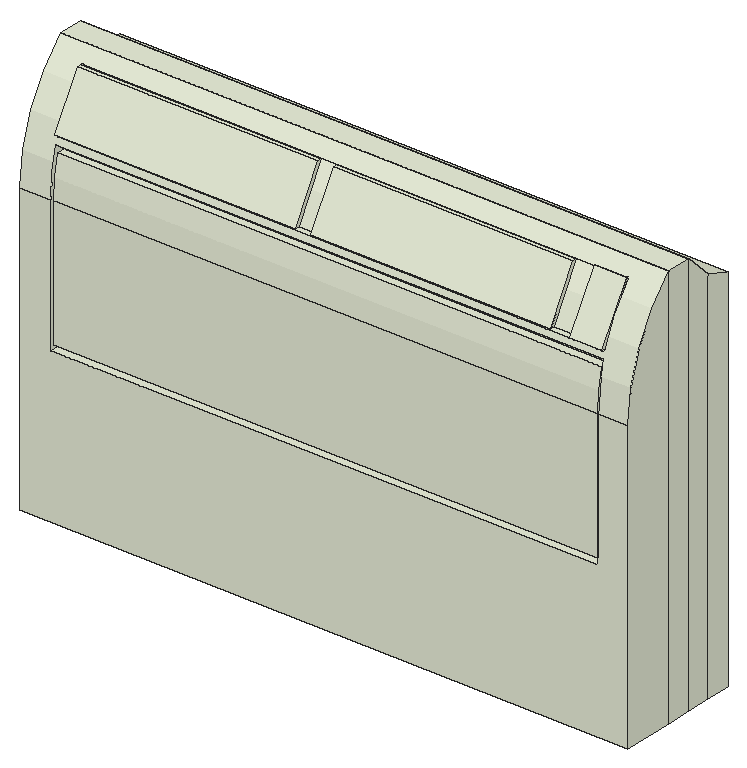
Revit family "Trane_TVR_Indoor_Ceiling & Floor_4TVX0012(15,18,24)EF000AA(2nd DC)", category Equipamento mecânico, Revit 2019
Family settings
  Cota do conector redondo = Utilizar diâmetro
  Tipo de parte = Normal
  Número OmniClass = 23.75.00.00
  Título OmniClass = Climate Control (HVAC)
  Com base no plano de trabalho = Não
  Sempre na vertical = Sim
  Corte com vazios quando carregada = Não
  Compartilhado = Não
  Ponto de cálculo do ambiente = Não
Parameters (values of type "4TVX0024EF000AA")
  Width = 990.000 mm
  URL = "https://www.trane.com/commercial/latin-america/br/pt.html"
  Series = "TVR ULTRA"
  Power supply = "220-240V ~50/60Hz"
  Panel color = "S1004"
  Net Weight = 28.00 kg
  Modelo = "4TVX0024EF000AA"
  Fabricante = "Trane"
  Machine material = Galvanized Steel
  MFA (Maximum Fuse Amps) = 15 A
  MCA (Minimum Circuit Amps) = 1.03 A
  Liquid pipe = 6.350 mm
  Installation = "Indoor installation"
  Height = 203.000 mm
  Heating Power Input = 115 W
  Heating Capacity = 8 kW
  Gas pipe = 12.700 mm
  Gas = "R410a"
  Descrição = "High efficiency air cooled"
  Depth = 660.000 mm
  Cooling Power Input = 115 W
  Cooling Capacity = 7.1 kW
  Condensation = "air"
  Air  Flow = "800/750/700/650/600/550/500 m3/h"
Types (5, lengths in mm): name | URL | Net Weight | Modelo | MCA (Minimum Circuit Amps) | Heating Power Input | Heating Capacity | Cooling Power Input | Cooling Capacity | Air  Flow
  (no name) | "https://www.trane.com/commercial/latin-america/br/pt.html" | 28.00 kg | "4TVX0024EF000AA" | 1.03 A | 115 W | 8 kW | 115 W | 7.1 kW | "800/750/700/650/600/550/500 m3/h"
  4TVX0012EF000AA | "https://www.trane.com/commercial/latin-america/br/pt.html" | 27.00 kg | "4TVX0012EF000AA" | 0.38 A | 49 W | 4 kW | 49 W | 3.6 kW | "650/620/595/570/550/525/500 m3/h"
  4TVX0015EF000AA | "https://www.trane.com/commercial/latin-america/br/pt.html" | 28.00 kg | "4TVX0015EF000AA" | 1.01 A | 115 W | 5 kW | 115 W | 4.5 kW | "800/750/700/650/600/550/500 m3/h"
  4TVX0018EF000AA | "https://www.trane.com/commercial/latin-america/br/pt.htmlhttps://www.trane.com/commercial/latin-america/br/pt.html" | 28.00 kg | "4TVX0018EF000AA" | 1.03 A | 115 W | 6.3 kW | 115 W | 5.6 kW | "800/750/700/650/600/550/500 m3/h"
  4TVX0024EF000AA | "https://www.trane.com/commercial/latin-america/br/pt.html" | 28.00 kg | "4TVX0024EF000AA" | 1.03 A | 115 W | 8 kW | 115 W | 7.1 kW | "800/750/700/650/600/550/500 m3/h"
Reference planes
  plane 1 "中心(前/后)": y = 0
  plane 2: z = 0
  plane 3 "中心(左/右)": x = 0
  plane 4: z = 575.645
  plane 5: z = 280
  plane 6: x = -495
Forms (mm)
  Extrusion 1, solid, material "Galvanized Steel" <- "Machine material", detail levels medium+fine
    sketch origin (0, 0, 0) x (0, 1, 0) y (0, 0, 1)
      loop
        line (-80, 690) -> (-120, 690) -> (-120, 30) -> (-80, 30) -> (-80, 690)
    from 495 to -495
  Extrusion 2, solid, material "Galvanized Steel" <- "Machine material", detail levels medium+fine
    sketch origin (0, 0, 0) x (0, 1, 0) y (0, 0, 1)
      loop
        line (-80, 690) -> (-80, 30) -> (-40, 30) -> (-40, 650) -> (-80, 690)
    from 495 to -495
  Extrusion 3, solid, material "Galvanized Steel" <- "Machine material", detail levels medium+fine
    sketch origin (0, 0, 0) x (0, 1, 0) y (0, 0, 1)
      loop
        line (0, 626.906) -> (0, 635.441) -> (-40, 650) -> (-40, 30) -> (0, 30) -> (0, 626.906)
    from 495 to -495
  Extrusion 4, solid, material "Galvanized Steel" <- "Machine material", detail levels medium+fine
    sketch origin (0, 0, 0) x (0, 1, 0) y (0, 0, 1)
      loop
        line (-120, 30) -> (-120, 690)
        arc (-120, 690) -> (-181.345, 603.669) -> (-203, 500) r 258.97
        line (-203, 500) -> (-203, 30) -> (-120, 30)
    from 495 to -495
  Extrusion 5, void
    sketch origin (0, 0, 0) x (0, 1, 0) y (0, 0, 1)
      loop
        line (-188.653, 585) -> (-178.041, 585)
        arc (-178.041, 585) -> (-156.282, 630.135) -> (-125.926, 670) r 248.97
        line (-125.926, 670) -> (-139.39, 670)
        arc (-139.39, 670) -> (-168.089, 629.857) -> (-188.653, 585) r 258.97
    from 446.258 to -445
  Extrusion 6, solid, material "Galvanized Steel" <- "Machine material", detail levels fine
    sketch origin (0, 0, 0) x (0, 1, 0) y (0, 0, 1)
      loop
        line (-148.104, 670) -> (-193.89, 591) -> (-188.048, 591) -> (-142.262, 670) -> (-148.104, 670)
    from 361.496 to -28.055
  Extrusion 7, void
    sketch origin (0, 0, 0) x (1, 0, 0) y (0, 1, 0)
      loop
        line (-460.5, -30) -> (-460.5, -130) -> (-360.5, -130) -> (-360.5, -30) -> (-460.5, -30)
    from 45 to 30
  Extrusion 8, void
    sketch origin (0, 0, 0) x (0, 1, 0) y (0, 0, 1)
      loop
        line (-15, 45) -> (-15, 415.429) -> (-188, 415.429) -> (-188, 45) -> (-15, 45)
    from 477.847 to -480
  Extrusion 9, solid, detail levels medium+fine
    sketch origin (0, 0, 0) x (1, 0, 0) y (0, 1, 0)
      loop
        circle (-455, -63.5) r 4.765
    from 415.429 to 128
  Extrusion 10, solid, detail levels medium+fine
    sketch origin (0, 0, 0) x (1, 0, 0) y (0, 1, 0)
      loop
        circle (-440.5, -96.5) r 7.95
    from 415.429 to 163.5
  Extrusion 11, void
    sketch origin (0, 0, 55) x (1, 0, 0) y (0, 0, 1)
      loop
        line (-360.5, 115) -> (-460.5, 115) -> (-460.5, 15) -> (-360.5, 15) -> (-360.5, 115)
    from 15 to 0
  Extrusion 12, solid, detail levels medium+fine
    sketch origin (0, 0, 0) x (1, 0, 0) y (0, 1, 0)
      loop
        circle (-393.436, -63.5) r 12.5
    from 415.429 to 163.5
  Extrusion 13, void
    sketch origin (0, 0, 0) x (0, 1, 0) y (0, 0, 1)
      loop
        arc (-191.706, 575.645) -> (-200.161, 538.242) -> (-203, 500) r 258.97
        line (-203, 500) -> (-203, 280) -> (-188, 280) -> (-188, 415.429) -> (-179.603, 575.645) -> (-191.706, 575.645)
    from 446.258 to -445
  Extrusion 14, solid, material "Galvanized Steel" <- "Machine material", detail levels medium+fine
    sketch origin (0, 0, 0) x (0, 1, 0) y (0, 0, 1)
      loop
        line (-188, 415.429) -> (-180.127, 565.659) -> (-194.538, 565.659)
        arc (-194.538, 565.659) -> (-200.876, 533.101) -> (-203, 500) r 258.97
        line (-203, 500) -> (-203, 290) -> (-188, 290) -> (-188, 415.429)
    from 446.258 to -440
  Extrusion 15, solid, material "Galvanized Steel" <- "Machine material", detail levels fine
    sketch origin (-305.688, 0, 0) x (0, 1, 0) y (0, 0, 1)
      loop
        line (-139.39, 670) -> (-188.653, 585) -> (-183.347, 585) -> (-134.084, 670) -> (-139.39, 670)
    from 747.269 to 695.02
  Extrusion 16, solid, material "Galvanized Steel" <- "Machine material", detail levels fine
    sketch origin (-26.887, 0, 0) x (0, 1, 0) y (0, 0, -1)
      loop
        line (-148.104, -670) -> (-142.262, -670) -> (-188.048, -591) -> (-193.89, -591) -> (-148.104, -670)
    from 418.113 to 26.217
Cuts and joins
  Extrusion 5, Extrusion 7, Extrusion 8, Extrusion 11, Extrusion 13 cuts Extrusion 4
  Extrusion 7, Extrusion 8 cuts Extrusion 1
  Extrusion 7, Extrusion 8 cuts Extrusion 2
  Extrusion 7, Extrusion 8, Extrusion 11 cuts Extrusion 3
  Extrusion 11 cuts Extrusion 9
Lines and regions (mm)
  model lines, detail levels fine
    curve 1: line (-495, -163, 70) -> (-495, -163, 270)
    curve 15: line (-495, -163, 270) -> (-495, -203, 270)
    curve 16: line (-495, -163, 260) -> (-495, -203, 260)
    curve 17: line (-495, -163, 250) -> (-495, -203, 250)
    curve 18: line (-495, -163, 240) -> (-495, -203, 240)
    curve 19: line (-495, -163, 230.215) -> (-495, -203, 230.215)
    curve 20: line (-495, -163, 220) -> (-495, -203, 220)
    curve 21: line (-495, -163, 210) -> (-495, -203, 210)
    curve 22: line (-495, -163, 200) -> (-495, -203, 200)
    curve 23: line (-495, -163, 190) -> (-495, -203, 190)
    curve 24: line (-495, -163, 180) -> (-495, -203, 180)
    curve 25: line (-495, -163, 170) -> (-495, -203, 170)
    curve 26: line (-495, -163, 160) -> (-495, -203, 160)
    curve 27: line (-495, -163, 150) -> (-495, -203, 150)
    curve 28: line (-495, -163, 140) -> (-495, -203, 140)
    curve 29: line (-495, -163, 130) -> (-495, -203, 130)
    curve 30: line (-495, -163, 120) -> (-495, -203, 120)
    curve 31: line (-495, -163, 110) -> (-495, -203, 110)
    curve 32: line (-495, -163, 100) -> (-495, -203, 100)
    curve 33: line (-495, -163, 90) -> (-495, -203, 90)
    curve 34: line (-495, -163, 80) -> (-495, -203, 80)
    curve 35: line (-495, -163, 70) -> (-495, -203, 70)
    curve 36: line (-495, -163, 220) -> (-495, -203, 220)
    curve 37: line (-495, -163, 210) -> (-495, -203, 210)
    curve 38: line (-495, -163, 200) -> (-495, -203, 200)
    curve 39: line (-495, -203, 270) -> (495, -203, 270)
    curve 40: line (495, -203, 70) -> (-495, -203, 70)
    curve 41: line (-495, -203, 260) -> (495, -203, 260)
    curve 42: line (-495, -203, 250) -> (495, -203, 250)
    curve 43: line (-495, -203, 240) -> (495, -203, 240)
    curve 44: line (-495, -203, 230) -> (495, -203, 230)
    curve 45: line (-495, -203, 220) -> (495, -203, 220)
    curve 46: line (-495, -203, 210) -> (495, -203, 210)
    curve 47: line (-495, -203, 201.34) -> (495, -203, 201.34)
    curve 48: line (-495, -203, 191.34) -> (495, -203, 191.34)
    curve 49: line (-495, -203, 181.34) -> (495, -203, 181.34)
    curve 50: line (-495, -203, 171.34) -> (495, -203, 171.34)
    curve 51: line (-495, -203, 161.34) -> (495, -203, 161.34)
    curve 52: line (-495, -203, 151.34) -> (495, -203, 151.34)
    curve 53: line (-495, -203, 141.34) -> (495, -203, 141.34)
    curve 54: line (-495, -203, 131.34) -> (495, -203, 131.34)
    curve 55: line (-495, -203, 121.34) -> (495, -203, 121.34)
    curve 56: line (-495, -203, 111.34) -> (495, -203, 111.34)
    curve 57: line (-495, -203, 101.34) -> (495, -203, 101.34)
    curve 58: line (-495, -203, 91.34) -> (495, -203, 91.34)
    curve 59: line (-495, -203, 81.34) -> (495, -203, 81.34)
    curve 60: line (401.581, -174.728, 609.027) -> (401.581, -181.032, 598.15)
    curve 61: line (426.581, -174.728, 609.027) -> (401.581, -174.728, 609.027)
    curve 62: line (401.581, -181.032, 598.15) -> (426.581, -181.032, 598.15)
    curve 63: arc (426.581, -174.728, 609.027) -> (432.867, -177.88, 603.589) -> (426.581, -181.032, 598.15) r 6.286
    curve 71: line (495, -163, 70) -> (495, -163, 270)
    curve 72: line (495, -163, 270) -> (495, -203, 270)
    curve 73: line (495, -163, 260) -> (495, -203, 260)
    curve 74: line (495, -163, 250) -> (495, -203, 250)
    curve 75: line (495, -163, 240) -> (495, -203, 240)
    curve 76: line (495, -163, 230.215) -> (495, -203, 230.215)
    curve 77: line (495, -163, 190) -> (495, -203, 190)
    curve 78: line (495, -163, 180) -> (495, -203, 180)
    curve 79: line (495, -163, 170) -> (495, -203, 170)
    curve 80: line (495, -163, 160) -> (495, -203, 160)
    curve 81: line (495, -163, 150) -> (495, -203, 150)
    curve 82: line (495, -163, 140) -> (495, -203, 140)
    curve 83: line (495, -163, 130) -> (495, -203, 130)
    curve 84: line (495, -163, 120) -> (495, -203, 120)
    curve 85: line (495, -163, 110) -> (495, -203, 110)
    curve 86: line (495, -163, 100) -> (495, -203, 100)
    curve 87: line (495, -163, 90) -> (495, -203, 90)
    curve 88: line (495, -163, 80) -> (495, -203, 80)
    curve 89: line (495, -163, 70) -> (495, -203, 70)
    curve 90: line (495, -163, 220) -> (495, -203, 220)
    curve 91: line (495, -163, 210) -> (495, -203, 210)
    curve 92: line (495, -163, 200) -> (495, -203, 200)
    curve 93: circle (427.5, -144.575, 661.053) r 4 normal (0, 0.8652, -0.5014)
    curve 94: circle (427.5, -150.363, 651.067) r 4 normal (0, 0.8652, -0.5014)
    curve 95: circle (427.5, -156.491, 640.493) r 4 normal (0, 0.8652, -0.5014)
    curve 96: circle (427.5, -162.96, 629.332) r 4 normal (0, 0.8652, -0.5014)
    curve 97: circle (427.5, -168.604, 619.594) r 4 normal (0, 0.8652, -0.5014)
  model lines
    curve 2: line (-495, 0, 635.441) -> (-495, -40, 650)
    curve 3: line (-495, -40, 650) -> (-495, -80, 690)
    curve 5: line (-495, 0, 635.441) -> (-495, 0, 30)
    curve 6: line (-495, -203, 30) -> (-495, -203, 500)
    curve 7: arc (-495, -203, 500) -> (-495, -181.345, 603.669) -> (-495, -120, 690) r 258.97
    curve 8: line (-495, -120, 690) -> (495, -120, 690)
    curve 9: line (-495, -80, 690) -> (495, -80, 690)
    curve 10: line (-495, -40, 650) -> (495, -40, 650)
    curve 11: line (-495, -203, 30) -> (-495, 0, 30)
    curve 12: line (-495, -203, 30) -> (495, -203, 30)
    curve 13: line (495, 0, 30) -> (-495, 0, 30)
    curve 14: line (-495, -203, 30) -> (-495, 0, 30)
    curve 64: line (495, -203, 30) -> (495, -203, 500)
    curve 65: arc (495, -203, 500) -> (495, -181.345, 603.669) -> (495, -120, 690) r 258.97
    curve 66: line (495, 0, 635.441) -> (495, 0, 30)
    curve 67: line (495, 0, 635.441) -> (495, -40, 650)
    curve 68: line (495, -40, 650) -> (495, -80, 690)
    curve 70: line (495, -203, 30) -> (495, 0, 30)
    curve 98: line (495, 0, 626.906) -> (-495, 0, 626.906)
  model lines, detail levels coarse
    curve 4: line (-495, -80, 690) -> (-495, -120, 690)
    curve 69: line (495, -80, 690) -> (495, -120, 690)
Dimensions and locks
  cut or joined group of Extrusion 2, Extrusion 7, Extrusion 8 to Extrusion 12 = 133.500 mm
  cut or joined group of Extrusion 1, Extrusion 7, Extrusion 8 to cut or joined group of Extrusion 9, Extrusion 11 = 98.000 mm
  "Depth": cut or joined group of Extrusion 4, Extrusion 5, Extrusion 7, Extrusion 8, Extrusion 11, Extrusion 13 to cut or joined group of Extrusion 1, Extrusion 7, Extrusion 8
  "Height": cut or joined group of Extrusion 4, Extrusion 5, Extrusion 7, Extrusion 8, Extrusion 11, Extrusion 13 to cut or joined group of Extrusion 3, Extrusion 7, Extrusion 8, Extrusion 11
  "Width": cut or joined group of Extrusion 4, Extrusion 5, Extrusion 7, Extrusion 8, Extrusion 11, Extrusion 13 to cut or joined group of Extrusion 4, Extrusion 5, Extrusion 7, Extrusion 8, Extrusion 11, Extrusion 13
  aligned and locked: level to plane 2
Automatic sketch dimensions
  plane 1 "中心(前/后)" to Extrusion 1 sketch curve = 120.000 mm
  level to Extrusion 1 sketch curve = 30.000 mm
  Extrusion 1 sketch curve to Extrusion 1 sketch curve = 40.000 mm
  Extrusion 1 sketch curve to Extrusion 1 sketch curve = 660.000 mm
  plane 1 "中心(前/后)" to Extrusion 2 sketch curve = 80.000 mm
  level to Extrusion 2 sketch curve = 30.000 mm
  Extrusion 2 sketch curve to Extrusion 2 sketch curve = 40.000 mm  (x2)
  Extrusion 2 sketch curve to Extrusion 2 sketch curve = 620.000 mm
  Extrusion 3 sketch curve to plane 1 "中心(前/后)" = 0.000 mm
  level to Extrusion 3 sketch curve = 30.000 mm
  plane 1 "中心(前/后)" to Extrusion 3 sketch curve = 40.000 mm
  Extrusion 3 sketch curve to Extrusion 3 sketch curve = 596.906 mm
  Extrusion 3 sketch curve to Extrusion 3 sketch curve = 8.535 mm
  Extrusion 3 sketch curve to Extrusion 3 sketch curve = 14.559 mm
  plane 1 "中心(前/后)" to Extrusion 4 sketch curve = 203.000 mm
  level to Extrusion 4 sketch curve = 30.000 mm
  Extrusion 4 sketch curve to Extrusion 4 sketch curve = 83.000 mm
  Extrusion 4 sketch curve to plane 1 "中心(前/后)" = 55.970 mm
  Extrusion 4 sketch curve to Extrusion 4 sketch curve = 470.000 mm
  Extrusion 5 sketch curve to Extrusion 5 sketch curve = 0.000 mm  (x2)
  plane 1 "中心(前/后)" to Extrusion 5 sketch curve = 188.653 mm
  level to Extrusion 5 sketch curve = 585.000 mm
  Extrusion 5 sketch curve to Extrusion 5 sketch curve = 10.612 mm
  Extrusion 5 sketch curve to Extrusion 5 sketch curve = 38.651 mm
  Extrusion 5 sketch curve to Extrusion 5 sketch curve = 13.464 mm
  Extrusion 5 sketch curve to Extrusion 5 sketch curve = 85.000 mm
  plane 1 "中心(前/后)" to Extrusion 6 sketch curve = 193.890 mm
  level to Extrusion 6 sketch curve = 591.000 mm
  Extrusion 6 sketch curve to Extrusion 6 sketch curve = 5.843 mm  (x2)
  Extrusion 6 sketch curve to Extrusion 6 sketch curve = 39.943 mm
  Extrusion 6 sketch curve to Extrusion 6 sketch curve = 79.000 mm
  Extrusion 4 to curve 1 = 40.000 mm  (x2)
  curve 1 to curve 1 = 200.000 mm
  plane 6 to Extrusion 7 sketch curve = 34.500 mm
  plane 1 "中心(前/后)" to Extrusion 7 sketch curve = 130.000 mm
  Extrusion 7 sketch curve to Extrusion 7 sketch curve = 100.000 mm
  plane 1 "中心(前/后)" to Extrusion 7 sketch curve = 30.000 mm
  level to Extrusion 8 sketch curve = 45.000 mm
  plane 1 "中心(前/后)" to Extrusion 8 sketch curve = 188.000 mm
  plane 1 "中心(前/后)" to Extrusion 8 sketch curve = 15.000 mm
  level to Extrusion 8 sketch curve = 415.429 mm
  plane 6 to Extrusion 9 sketch curve = 40.000 mm
  plane 1 "中心(前/后)" to Extrusion 9 sketch curve = 63.500 mm
  plane 6 to Extrusion 10 sketch curve = 54.500 mm
  plane 1 "中心(前/后)" to Extrusion 10 sketch curve = 96.500 mm
  plane 6 to Extrusion 11 sketch curve = 34.500 mm
  level to Extrusion 11 sketch curve = 70.000 mm
  Extrusion 11 sketch curve to Extrusion 11 sketch curve = 100.000 mm  (x2)
  plane 6 to Extrusion 12 sketch curve = 101.564 mm
  plane 1 "中心(前/后)" to Extrusion 12 sketch curve = 63.500 mm
  Extrusion 13 sketch curve to plane 5 = 0.000 mm
  Extrusion 13 sketch curve to plane 4 = 0.000 mm
  plane 1 "中心(前/后)" to Extrusion 13 sketch curve = 203.000 mm
  plane 5 to Extrusion 13 sketch curve = 135.429 mm
  Extrusion 13 sketch curve to Extrusion 13 sketch curve = 11.294 mm
  Extrusion 13 sketch curve to Extrusion 13 sketch curve = 15.000 mm
  Extrusion 13 sketch curve to Extrusion 13 sketch curve = 12.102 mm
  Extrusion 13 sketch curve to plane 1 "中心(前/后)" = 55.970 mm
  plane 1 "中心(前/后)" to Extrusion 14 sketch curve = 203.000 mm
  level to Extrusion 14 sketch curve = 290.000 mm
  Extrusion 14 sketch curve to Extrusion 14 sketch curve = 8.462 mm
  Extrusion 14 sketch curve to Extrusion 14 sketch curve = 15.000 mm
  Extrusion 14 sketch curve to Extrusion 14 sketch curve = 14.411 mm
  Extrusion 14 sketch curve to plane 1 "中心(前/后)" = 55.970 mm
  Extrusion 14 sketch curve to Extrusion 14 sketch curve = 125.429 mm
  Extrusion 14 sketch curve to Extrusion 14 sketch curve = 84.571 mm
  curve 2 to plane 1 "中心(前/后)" = 0.000 mm
  plane 1 "中心(前/后)" to curve 6 = 203.000 mm
  level to curve 6 = 500.000 mm
  plane 1 "中心(前/后)" to curve 2 = 40.000 mm
  curve 7 to curve 2 = 135.441 mm
  curve 2 to curve 3 = 14.559 mm
  curve 2 to curve 4 = 40.000 mm  (x2)
  level to curve 6 = 30.000 mm
  level to curve 5 = 30.000 mm
  curve 3 to curve 4 = 40.000 mm
  curve 8 to plane 6 = 0.000 mm
  level to curve 8 = 690.000 mm
  plane 3 "中心(左/右)" to curve 8 = 495.000 mm
  curve 9 to plane 6 = 0.000 mm
  level to curve 9 = 690.000 mm
  plane 3 "中心(左/右)" to curve 9 = 495.000 mm
  curve 10 to plane 6 = 0.000 mm
  level to curve 10 = 650.000 mm
  plane 3 "中心(左/右)" to curve 10 = 495.000 mm
  curve 11 to plane 1 "中心(前/后)" = 0.000 mm
  level to curve 11 = 30.000 mm
  curve 11 to curve 11 = 203.000 mm
  level to curve 35 = 70.000 mm
  curve 35 to curve 34 = 10.000 mm
  curve 34 to curve 33 = 10.000 mm
  curve 33 to curve 32 = 10.000 mm
  curve 32 to curve 31 = 10.000 mm
  curve 31 to curve 30 = 10.000 mm
  curve 30 to curve 29 = 10.000 mm
  curve 29 to curve 28 = 10.000 mm
  curve 28 to curve 27 = 10.000 mm
  curve 27 to curve 26 = 10.000 mm
  curve 26 to curve 25 = 10.000 mm
  curve 25 to curve 24 = 10.000 mm
  curve 24 to curve 23 = 10.000 mm
  curve 23 to curve 38 = 10.000 mm
  curve 22 to curve 38 = 0.000 mm  (x2)
  curve 22 to curve 21 = 10.000 mm
  curve 37 to curve 21 = 0.000 mm  (x2)
  curve 21 to curve 36 = 10.000 mm
  curve 20 to curve 36 = 0.000 mm  (x2)
  curve 20 to curve 19 = 10.215 mm
  curve 19 to curve 18 = 9.785 mm
  curve 18 to curve 17 = 10.000 mm
  curve 17 to curve 16 = 10.000 mm
  curve 16 to curve 15 = 10.000 mm
  plane 1 "中心(前/后)" to curve 15 = 163.000 mm
  curve 38 to curve 15 = 0.000 mm
  curve 16 to curve 15 = 0.000 mm
  curve 37 to curve 38 = 0.000 mm
  curve 17 to curve 16 = 0.000 mm
  curve 36 to curve 37 = 0.000 mm
  curve 18 to curve 17 = 0.000 mm
  curve 35 to curve 38 = 0.000 mm
  curve 19 to curve 18 = 0.000 mm
  curve 34 to curve 35 = 0.000 mm
  curve 33 to curve 34 = 0.000 mm
  curve 21 to curve 37 = 0.000 mm
  curve 32 to curve 33 = 0.000 mm
  curve 31 to curve 32 = 0.000 mm
  curve 23 to curve 22 = 0.000 mm
  curve 30 to curve 31 = 0.000 mm
  curve 24 to curve 23 = 0.000 mm
  curve 29 to curve 30 = 0.000 mm
  curve 25 to curve 24 = 0.000 mm
  curve 28 to curve 29 = 0.000 mm
  curve 26 to curve 25 = 0.000 mm
  curve 27 to curve 28 = 0.000 mm
  curve 26 to curve 26 = 40.000 mm
  curve 27 to curve 26 = 0.000 mm
  curve 25 to curve 26 = 0.000 mm
  curve 28 to curve 27 = 0.000 mm
  curve 24 to curve 25 = 0.000 mm
  curve 29 to curve 28 = 0.000 mm
  curve 23 to curve 24 = 0.000 mm
  curve 30 to curve 29 = 0.000 mm
  curve 22 to curve 23 = 0.000 mm
  curve 31 to curve 30 = 0.000 mm
  curve 21 to curve 22 = 0.000 mm
  curve 32 to curve 31 = 0.000 mm
  curve 20 to curve 21 = 0.000 mm
  curve 33 to curve 32 = 0.000 mm
  curve 19 to curve 20 = 0.000 mm
  curve 34 to curve 33 = 0.000 mm
  curve 18 to curve 19 = 0.000 mm
  curve 35 to curve 34 = 0.000 mm
  curve 17 to curve 18 = 0.000 mm
  curve 36 to curve 20 = 0.000 mm
  curve 16 to curve 17 = 0.000 mm
  curve 15 to curve 16 = 0.000 mm
  curve 38 to curve 22 = 0.000 mm
  plane 6 to curve 40 = 0.000 mm
  plane 6 to curve 59 = 0.000 mm
  plane 6 to curve 58 = 0.000 mm
  plane 6 to curve 57 = 0.000 mm
  plane 6 to curve 56 = 0.000 mm
  plane 6 to curve 55 = 0.000 mm
  plane 6 to curve 54 = 0.000 mm
  plane 6 to curve 53 = 0.000 mm
  plane 6 to curve 52 = 0.000 mm
  plane 6 to curve 51 = 0.000 mm
  plane 6 to curve 50 = 0.000 mm
  plane 6 to curve 49 = 0.000 mm
  plane 6 to curve 48 = 0.000 mm
  plane 6 to curve 47 = 0.000 mm
  plane 6 to curve 46 = 0.000 mm
  plane 6 to curve 45 = 0.000 mm
  plane 6 to curve 44 = 0.000 mm
  plane 6 to curve 43 = 0.000 mm
  plane 6 to curve 42 = 0.000 mm
  plane 6 to curve 41 = 0.000 mm
  plane 6 to curve 39 = 0.000 mm
  level to curve 40 = 70.000 mm
  curve 40 to curve 59 = 11.340 mm
  curve 59 to curve 58 = 10.000 mm
  curve 58 to curve 57 = 10.000 mm
  curve 57 to curve 56 = 10.000 mm
  curve 56 to curve 55 = 10.000 mm
  curve 55 to curve 54 = 10.000 mm
  curve 54 to curve 53 = 10.000 mm
  curve 53 to curve 52 = 10.000 mm
  curve 52 to curve 51 = 10.000 mm
  curve 51 to curve 50 = 10.000 mm
  curve 50 to curve 49 = 10.000 mm
  curve 49 to curve 48 = 10.000 mm
  curve 48 to curve 47 = 10.000 mm
  curve 47 to curve 46 = 8.660 mm
  curve 46 to curve 45 = 10.000 mm
  curve 45 to curve 44 = 10.000 mm
  curve 44 to curve 43 = 10.000 mm
  curve 43 to curve 42 = 10.000 mm
  curve 42 to curve 41 = 10.000 mm
  curve 41 to curve 39 = 10.000 mm
  plane 3 "中心(左/右)" to curve 49 = 495.000 mm
  curve 49 to curve 47 = 0.000 mm
  curve 50 to curve 49 = 0.000 mm
  curve 47 to curve 46 = 0.000 mm
  curve 51 to curve 50 = 0.000 mm
  curve 46 to curve 45 = 0.000 mm
  curve 52 to curve 51 = 0.000 mm
  curve 45 to curve 44 = 0.000 mm
  curve 53 to curve 52 = 0.000 mm
  curve 44 to curve 43 = 0.000 mm
  curve 54 to curve 53 = 0.000 mm
  curve 43 to curve 42 = 0.000 mm
  curve 55 to curve 54 = 0.000 mm
  curve 42 to curve 41 = 0.000 mm
  curve 56 to curve 55 = 0.000 mm
  curve 40 to curve 56 = 0.000 mm
  curve 57 to curve 56 = 0.000 mm
  curve 41 to curve 39 = 0.000 mm
  curve 58 to curve 57 = 0.000 mm
  curve 48 to curve 47 = 0.000 mm
  curve 59 to curve 58 = 0.000 mm
  plane 1 "中心(前/后)" to Extrusion 15 sketch curve = 188.653 mm
  level to Extrusion 15 sketch curve = 585.000 mm
  Extrusion 15 sketch curve to Extrusion 15 sketch curve = 5.306 mm  (x2)
  Extrusion 15 sketch curve to Extrusion 15 sketch curve = 43.957 mm
  Extrusion 15 sketch curve to Extrusion 15 sketch curve = 85.000 mm
  curve 66 to plane 1 "中心(前/后)" = 0.000 mm
  plane 1 "中心(前/后)" to curve 69 = 120.000 mm
  level to curve 69 = 690.000 mm
  level to curve 89 = 70.000 mm
  plane 1 "中心(前/后)" to curve 89 = 163.000 mm
  plane 1 "中心(前/后)" to curve 64 = 203.000 mm
  curve 69 to curve 68 = 40.000 mm
  plane 1 "中心(前/后)" to curve 67 = 40.000 mm
  curve 65 to plane 1 "中心(前/后)" = 55.970 mm
  curve 68 to curve 68 = 40.000 mm
  curve 67 to curve 66 = 14.559 mm
  curve 71 to curve 71 = 200.000 mm
  curve 72 to curve 73 = 10.000 mm
  curve 73 to curve 74 = 10.000 mm
  curve 74 to curve 75 = 10.000 mm
  curve 75 to curve 76 = 9.785 mm
  curve 76 to curve 90 = 10.215 mm
  curve 90 to curve 91 = 10.000 mm
  curve 91 to curve 92 = 10.000 mm
  curve 92 to curve 77 = 10.000 mm
  curve 77 to curve 78 = 10.000 mm
  curve 78 to curve 79 = 10.000 mm
  curve 79 to curve 80 = 10.000 mm
  curve 80 to curve 81 = 10.000 mm
  curve 81 to curve 82 = 10.000 mm
  curve 82 to curve 83 = 10.000 mm
  curve 83 to curve 84 = 10.000 mm
  curve 84 to curve 85 = 10.000 mm
  curve 85 to curve 86 = 10.000 mm
  curve 86 to curve 87 = 10.000 mm
  curve 88 to curve 89 = 10.000 mm
  level to curve 64 = 30.000 mm
  level to curve 66 = 30.000 mm
  plane 1 "中心(前/后)" to Extrusion 16 sketch curve = 193.890 mm
  plane 1 "中心(前/后)" to Extrusion 16 sketch curve = 148.104 mm
  level to Extrusion 16 sketch curve = 670.000 mm
  Extrusion 16 sketch curve to Extrusion 16 sketch curve = 5.843 mm  (x2)
  Extrusion 16 sketch curve to Extrusion 16 sketch curve = 79.000 mm
  plane 3 "中心(左/右)" to curve 61 = 426.581 mm
  plane 3 "中心(左/右)" to curve 61 = 401.581 mm
  curve 60 to curve 62 = 12.571 mm
  curve 93 to curve 60 = 60.133 mm
  curve 93 to curve 94 = 11.542 mm
  curve 94 to curve 95 = 12.221 mm
  curve 95 to curve 96 = 12.900 mm
  curve 96 to curve 97 = 11.255 mm
  curve 95 to curve 97 = 0.000 mm
  curve 94 to curve 95 = 0.000 mm
  curve 93 to curve 94 = 0.000 mm
  curve 96 to curve 97 = 0.000 mm
  curve 60 to curve 95 = 25.919 mm
  plane 1 "中心(前/后)" to curve 13 = 0.000 mm
  curve 14 to plane 6 = 0.000 mm
  plane 1 "中心(前/后)" to curve 14 = 203.000 mm
  plane 3 "中心(左/右)" to curve 70 = 495.000 mm
  plane 1 "中心(前/后)" to curve 98 = 0.000 mm
  curve 98 to plane 6 = 0.000 mm
  plane 3 "中心(左/右)" to curve 98 = 495.000 mm
  radius of Extrusion 9 sketch curve = 4.765 mm
  radius of Extrusion 10 sketch curve = 7.950 mm
  radius of Extrusion 12 sketch curve = 12.500 mm
  radius of curve 93 = 4.000 mm
  radius of curve 94 = 4.000 mm
  radius of curve 95 = 4.000 mm
  radius of curve 96 = 4.000 mm
  radius of curve 97 = 4.000 mm
Connectors
  piping at (-393.436, -63.5, 163.5), diameter 25
    settings: on Extrusion 12, index 5, connector inside diameter 25 mm, connector length 0.000 mm, flow factor 0, pipe flow 0.0 m³/h, pressure drop 0.0 Pa, fitting loss kfactor 0, connector angle 0.00°, fixture units 0, engagement length 0.000 mm, angle of deflection 0.00°, flow configuration 1, flow direction 2, fitting loss method 0, system type 29, joint type 0, gender type 0, connector reference index -1, connector utility 0, adjustable connector no, is connector primary yes, connector description "Drain pipe OD Φ 25mm"
  piping at (-440.5, -96.5, 163.5), diameter 15.9
    settings: on Extrusion 10, index 6, connector inside diameter 15.9 mm, connector length 0.000 mm, flow factor 0, pipe flow 0.0 m³/h, pressure drop 0.0 Pa, fitting loss kfactor 0, connector angle 0.00°, fixture units 0, engagement length 0.000 mm, angle of deflection 0.00°, flow configuration 1, flow direction 0, fitting loss method 4, system type 22, joint type 0, gender type 0, connector reference index -1, connector utility 0, adjustable connector no, is connector primary no, connector description "Gas pipe Φ15.9mm"
  piping at (-455, -63.5, 128), diameter 9.53
    settings: on cut or joined group of Extrusion 9, Extrusion 11, index 7, connector inside diameter 9.53 mm, connector length 0.000 mm, flow factor 0, pipe flow 0.0 m³/h, pressure drop 0.0 Pa, fitting loss kfactor 0, connector angle 0.00°, fixture units 0, engagement length 0.000 mm, angle of deflection 0.00°, flow configuration 1, flow direction 0, fitting loss method 4, system type 22, joint type 0, gender type 0, connector reference index -1, connector utility 0, adjustable connector no, is connector primary no, connector description "Liquid pipe Φ9.53mm"
  electrical at (495, -100, 360)
    settings: on cut or joined group of Extrusion 1, Extrusion 7, Extrusion 8, index 8, voltage 220 V, apparent load 0 VA, apparent load phase1 0 VA, apparent load phase2 0 VA, apparent load phase3 0 VA, power factor 1, load classification "Other", number of poles 1, system type 30, power factor state 1, is connector primary yes, connector utility no, sub classification motor no, connector description ""
